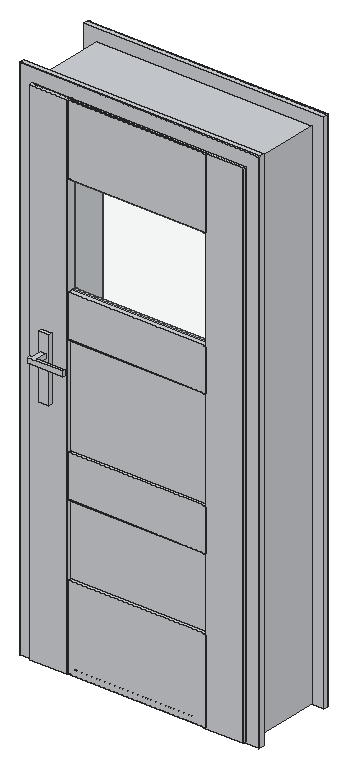
Revit family "porta_koncept_K1_osc_ps", category Drzwi, Revit 2016
Family settings
  Obiekt nadrzędny = Ściana
  Zawsze pionowo = Tak
  Tnij formami wycięć po wczytaniu = Nie
  Współdzielony = Nie
  Punkt obliczania pomieszczeń = Nie
Parameters (values of type "PN 80")
  Zakres szerokości muru [instance] = if(and(Grubość ściany > 94 mm, Grubość ściany < 120 mm), "B", (if(and(Grubość ściany > 119 mm, Grubość ściany < 140 mm), "C", (if(and(Grubość ściany > 139 mm, Grubość ściany < 160 mm), "D", (if(and(Grubość ściany > 159 mm, Grubość ściany < 180 mm), "E", (if(and(Grubość ściany > 179 mm, Grubość ściany < 200 mm), "F", (if(and(Grubość ściany > 199 mm, Grubość ściany < 220 mm), "G", (if(and(Grubość ściany > 219 mm, Grubość ściany < 240 mm), "H", (if(and(Grubość ściany > 239 mm, Grubość ściany < 260 mm), "I", (if(and(Grubość ściany > 259 mm, Grubość ściany < 280 mm), "J", (if(and(Grubość ściany > 279 mm, Grubość ściany < 301 mm), "K", "BRAK")))))))))))))))))))  # "K"
  Wysokość brutto = 2060 mm
  Szerokość brutto = 880 mm
  Model = "Koncept K1"
  Konstrukcja analityczna = "<Brak>"
  Grubość ściany [instance] = 300 mm
  Funkcja = Wewnętrzna
  URL = "www.porta.com.pl"
  Ss = 844 mm
  Sb = 846 mm
  Producent = "PORTA KMI POLAND"
  Keynote = ""
  Description = ""
  Wysokość = 2016 mm
  Zakończenie ściany = Wg obiektu nadrzędnego
  Szerokość = 800 mm
  Materiał_skrzydło [instance] = none
  Materiał_ościeżnica [instance] = none
  Materiał_klamka [instance] = none
  Informacja = "Własność Porta KMI Poland, wszelkie prawa zastrzeżone."  # constant formula
  Hs = 2030 mm
Types (6, lengths in mm): name | Szerokość brutto | Ss | Sb | Description | Szerokość
  PN 70 | 780 | 744 | 746 | "Biblioteki CAD produktów firmy PORTA KMI POLAND wraz z ich wizualizacjami są chronione prawami własności przemysłowej i intelektualnej. Można je wykorzystywać do handlowych celów osobistych poprzez zastosowanie w projektach, jednak nie wolno ich powielać, modyfikować, licencjonować ani publikować, w całości ani w części, chyba że celem przeglądania, bez uprzedniej pisemnej zgody PORTA KMI Poland. www.porta.com.pl" | 700
  PN 60 | 680 | 644 | 646 | "Biblioteki CAD produktów firmy PORTA KMI POLAND wraz z ich wizualizacjami są chronione prawami własności przemysłowej i intelektualnej. Można je wykorzystywać do handlowych celów osobistych poprzez zastosowanie w projektach, jednak nie wolno ich powielać, modyfikować, licencjonować ani publikować, w całości ani w części, chyba że celem przeglądania, bez uprzedniej pisemnej zgody PORTA KMI Poland. www.porta.com.pl" | 600
  PN 80 | 880 | 844 | 846 | "" | 800
  PN 90 | 980 | 944 | 946 | "Biblioteki CAD produktów firmy PORTA KMI POLAND wraz z ich wizualizacjami są chronione prawami własności przemysłowej i intelektualnej. Można je wykorzystywać do handlowych celów osobistych poprzez zastosowanie w projektach, jednak nie wolno ich powielać, modyfikować, licencjonować ani publikować, w całości ani w części, chyba że celem przeglądania, bez uprzedniej pisemnej zgody PORTA KMI Poland. www.porta.com.pl" | 900
  PN 100 | 1080 | 1044 | 1046 | "Biblioteki CAD produktów firmy PORTA KMI POLAND wraz z ich wizualizacjami są chronione prawami własności przemysłowej i intelektualnej. Można je wykorzystywać do handlowych celów osobistych poprzez zastosowanie w projektach, jednak nie wolno ich powielać, modyfikować, licencjonować ani publikować, w całości ani w części, chyba że celem przeglądania, bez uprzedniej pisemnej zgody PORTA KMI Poland. www.porta.com.pl" | 1000
  PN 110 | 1180 | 1144 | 1146 | "Biblioteki CAD produktów firmy PORTA KMI POLAND wraz z ich wizualizacjami są chronione prawami własności przemysłowej i intelektualnej. Można je wykorzystywać do handlowych celów osobistych poprzez zastosowanie w projektach, jednak nie wolno ich powielać, modyfikować, licencjonować ani publikować, w całości ani w części, chyba że celem przeglądania, bez uprzedniej pisemnej zgody PORTA KMI Poland. www.porta.com.pl" | 1100
Reference planes
  plane 1: y = 0
  plane 2 "Środek (Lewa/Prawa)": x = 0
  plane 3 "Lewy": x = -440
  plane 4 "Prawy": x = 440
  plane 5: z = 2060
  plane 6 "Zewnętrzna": y = 150
  plane 7 "Wewnętrzna": y = -150
  plane 8 "skrzydło": y = -144.5
Forms (mm)
  Sweep 1, solid, material <- "Materiał_ościeżnica"
    path in 3D
      loop
        line (-440, -150, 0) -> (-440, -150, 2060) -> (440, -150, 2060) -> (440, -150, 0)
    profile origin (-440, -150, 1030) x (0, -1, 0) y (1, 0, 0)
      loop
        line (-10, 39) -> (-72, 39) -> (-72, 17) -> (0, 17) -> (0, -33) -> (16, -33)
        arc (16, -33) -> (18.121, -32.121) -> (19, -30) r 3
        line (19, -30) -> (19, 24)
        arc (19, 24) -> (18.121, 26.121) -> (16, 27) r 3
        line (16, 27) -> (-10, 27) -> (-10, 39)
  Sweep 2, solid, material <- "Materiał_ościeżnica"
    path in 3D
      loop
        line (440, 150, 0) -> (440, 150, 2060) -> (-440, 150, 2060) -> (-440, 150, 0)
    profile origin (-440, 150, 1030) x (1, 0, 0) y (0, 1, 0)
      loop
        line (-33, 0) -> (17, 0) -> (17, -228) -> (39, -228) -> (39, -1)
        arc (39, -1) -> (37.536, 2.536) -> (34, 4) r 5
        line (34, 4) -> (25, 4) -> (25, 16)
        arc (25, 16) -> (24.121, 18.121) -> (22, 19) r 3
        line (22, 19) -> (-30, 19)
        arc (-30, 19) -> (-32.121, 18.121) -> (-33, 16) r 3
        line (-33, 16) -> (-33, 0)
  Sweep 3, solid, not visible
    path in 3D
      loop
        line (-440, -150, 0) -> (-440, -150, 2060)
    profile origin (-440, -150, 1030) x (0, -1, 0) y (1, 0, 0)
      loop
        line (-151, 17) -> (-149, 17) -> (-149, 19) -> (-151, 19) -> (-151, 17)
Cuts and joins
  joined: Sweep 1, Sweep 2
Lines and regions (mm)
  Opening 1
    outline origin (-3050, -150, 0) x (1, 0, 0) y (0, 0, 1)
      loop
        line (2610, 0) -> (3490, 0) -> (3490, 2060) -> (2610, 2060) -> (2610, 0)
  sketch lines
    curve 1: line (-440, -150, 0) -> (-440, -150, 2060)
    curve 2: line (-440, -150, 2060) -> (440, -150, 2060)
    curve 3: line (440, -150, 2060) -> (440, -150, 0)
    curve 4: line (-440, 150, 2060) -> (-440, 150, 0)
    curve 5: line (440, 150, 2060) -> (-440, 150, 2060)
    curve 6: line (440, 150, 0) -> (440, 150, 2060)
    curve 12: line (-440, -150, 0) -> (-440, -150, 2060)
  symbolic lines, style "DoorsPanelProjection"
    curve 7: line (422, -150, 0) -> (422, -994, 0)
    curve 8: line (422, -994, 0) -> (382, -994, 0)
    curve 9: line (382, -994, 0) -> (382, -150, 0)
    curve 10: line (382, -150, 0) -> (422, -150, 0)
  symbolic lines, style "Ugięcie rzutu"
    curve 11: arc (-422, -150, 0) -> (-174.798, -746.798, 0) -> (422, -994, 0) r 844
Text (mm)
  text "Zewnętrzna" at (-2295.016, 1099.543, 0), in view "Poziom odniesienia"
  text "Zewnętrzna" at (0, 1615.38, 3698.081), in view "Lewy"
  text "Zewnętrzna" at (0, 1036.032, 3874.932), in view "Prawy"
Dimensions and locks
  equal spacing: plane 3 "Lewy", plane 2 "Środek (Lewa/Prawa)", plane 4 "Prawy"
  "Szerokość brutto": plane 3 "Lewy" to plane 4 "Prawy"
  "Wysokość brutto": plane 5 to host wall
  host wall to plane 5 = 2060 mm  (x2)
  locked: plane 6 "Zewnętrzna" to host wall at 0
  locked: plane 7 "Wewnętrzna" to host wall
  "Sb": Sweep 1 to Sweep 1
  locked: Sweep 1 sketch curve to Sweep 1 sketch curve at 22
  Sweep 1 sketch curve to Sweep 1 sketch curve = 50 mm
  locked: Sweep 1 sketch curve to profile plane at 72
  locked: Sweep 2 sketch curve to Sweep 2 sketch curve at 50
  locked: Sweep 2 sketch curve to Sweep 2 sketch curve at 22
  locked: Sweep 2 sketch curve to plane 6 "Zewnętrzna" at 1
  locked: curve 9 to curve 7 at 40
  "Ss": curve 8 to curve 10
  equal spacing: curve 11, plane 2 "Środek (Lewa/Prawa)", curve 7
  locked: plane 7 "Wewnętrzna" to plane 8 "skrzydło" at 5.5
  locked: host wall to Sweep 3 sketch curve at 1
  locked: Sweep 3 sketch curve to host wall at 1
  locked: Sweep 3 sketch curve to plane 6 "Zewnętrzna" at 151
  locked: plane 7 "Wewnętrzna" to Sweep 3 sketch curve at 151
  equal spacing: nested 1, plane 2 "Środek (Lewa/Prawa)", nested 1
  locked: nested 1 to level at 8
  "Grubość ściany": host wall to host wall
  aligned and locked: plane 3 "Lewy" to Opening 1 sketch curve
  aligned and locked: plane 5 to Opening 1 sketch curve  (x2)
  aligned and locked: Opening 1 sketch curve to plane 4 "Prawy"
  aligned and locked: Opening 1 sketch curve to level
  aligned and locked: plane 1 to host wall
  aligned and locked: Sweep 1 to Sweep 2 sketch curve
  aligned and locked: plane 7 "Wewnętrzna" to curve 10
  aligned and locked: Sweep 3 sketch curve to cut or joined group of Sweep 1, Sweep 2
  aligned and locked: Sweep 2 sketch curve to cut or joined group of Sweep 1, Sweep 2
  aligned and locked: nested 1 to plane 8 "skrzydło"
Automatic sketch dimensions
  profile plane to Sweep 1 sketch curve = 10 mm
  Sweep 1 sketch curve to profile plane = 16 mm  (x2)
  Sweep 1 sketch curve to Sweep 1 sketch curve = 3 mm
  profile plane to Sweep 1 sketch curve = 17 mm
  Sweep 1 sketch curve to Sweep 1 sketch curve = 7 mm
  Sweep 1 sketch curve to profile plane = 0 mm
  Sweep 2 sketch curve to profile plane = 0 mm
  Sweep 2 sketch curve to profile plane = 16 mm
  Sweep 2 sketch curve to Sweep 2 sketch curve = 3 mm
  Sweep 2 sketch curve to Sweep 2 sketch curve = 5 mm
  Sweep 2 sketch curve to profile plane = 4 mm
  Sweep 2 sketch curve to Sweep 2 sketch curve = 8 mm
  curve 11 to host wall = 0 mm
  Sweep 3 sketch curve to Sweep 3 sketch curve = 2 mm
Nested families
  nested 1: "skrzydło" at (0, -151, 0), Materiał_klamka <- "Materiał_klamka", Materiał_skrzydło <- "Materiał_skrzydło", type "skrzydło"
    with Materiał_skrzydło none, Materiał_klamka none
Definition of nested family "skrzydło"
  Parameters
    Ss = 844 mm
    Materiał_skrzydło [instance] = none
    Materiał_klamka [instance] = none
    Hs = 2030 mm
  Reference planes
    plane 1 "Tył": y = 6.5
    plane 2: z = 0
    plane 3 "Środek (Lewa/Prawa)": x = 0
    plane 4 "Lewa": x = -422
    plane 5 "Prawa": x = 422
    plane 6 "Przód": y = -33.5
    plane 7: z = 2038
    plane 8 "Centrum": y = -13.5
    plane 9: x = -409
    plane 10: z = 8
    plane 11: x = 409
    plane 12: x = -272
    plane 13: x = 272
    plane 14: z = 2025
  Forms (mm)
    Extrusion 1, solid, material <- "Materiał_skrzydło"
      sketch origin (-1191.728, -1524, 8) x (-1, 0, 0) y (0, -1, 0)
        loop
          line (-1465.378, -1490.5) -> (-1612.078, -1490.5)
          arc (-1612.078, -1490.5) -> (-1613.244, -1490.983) -> (-1613.728, -1492.15) r 1.65
          line (-1613.728, -1492.15) -> (-1613.728, -1501.85)
          arc (-1613.728, -1501.85) -> (-1613.244, -1503.017) -> (-1612.078, -1503.5) r 1.65
          line (-1612.078, -1503.5) -> (-1602.078, -1503.5)
          arc (-1602.078, -1503.5) -> (-1601.123, -1503.895) -> (-1600.728, -1504.85) r 1.35
          line (-1600.728, -1504.85) -> (-1600.728, -1528.85)
          arc (-1600.728, -1528.85) -> (-1600.244, -1530.017) -> (-1599.078, -1530.5) r 1.65
          line (-1599.078, -1530.5) -> (-1465.378, -1530.5)
          arc (-1465.378, -1530.5) -> (-1464.211, -1530.017) -> (-1463.728, -1528.85) r 1.65
          line (-1463.728, -1528.85) -> (-1463.728, -1492.15)
          arc (-1463.728, -1492.15) -> (-1464.211, -1490.983) -> (-1465.378, -1490.5) r 1.65
      from 0 to 2030
    Extrusion 2, void
      sketch origin (0, 0, 0) x (0, -1, 0) y (0, 0, 1)
        loop
          line (-6.5, 2025) -> (20.5, 2025) -> (20.5, 2038) -> (-6.5, 2038) -> (-6.5, 2025)
      from -422 to 422
    Extrusion 3, solid, material <- "Materiał_skrzydło"
      sketch origin (0, 0, 0) x (0, 1, 0) y (0, 0, 1)
        loop
          line (4, 1756.65) -> (4, 2023.35)
          arc (4, 2023.35) -> (3.517, 2024.517) -> (2.35, 2025) r 1.65
          line (2.35, 2025) -> (-19.15, 2025)
          arc (-19.15, 2025) -> (-20.105, 2025.395) -> (-20.5, 2026.35) r 1.35
          line (-20.5, 2026.35) -> (-20.5, 2036.35)
          arc (-20.5, 2036.35) -> (-20.983, 2037.517) -> (-22.15, 2038) r 1.65
          line (-22.15, 2038) -> (-29.35, 2038)
          arc (-29.35, 2038) -> (-30.517, 2037.517) -> (-31, 2036.35) r 1.65
          line (-31, 2036.35) -> (-31, 1756.65)
          arc (-31, 1756.65) -> (-30.517, 1755.483) -> (-29.35, 1755) r 1.65
          line (-29.35, 1755) -> (2.35, 1755)
          arc (2.35, 1755) -> (3.517, 1755.483) -> (4, 1756.65) r 1.65
        loop
          line (2.35, 341) -> (-29.35, 341)
          arc (-29.35, 341) -> (-30.517, 340.517) -> (-31, 339.35) r 1.65
          line (-31, 339.35) -> (-31, 9.65)
          arc (-31, 9.65) -> (-30.517, 8.483) -> (-29.35, 8) r 1.65
          line (-29.35, 8) -> (-25, 8)
          arc (-25, 8) -> (-23.833, 8.483) -> (-23.35, 9.65) r 1.65
          arc (-23.35, 9.65) -> (-22.955, 10.605) -> (-22, 11) r 1.35
          line (-22, 11) -> (-5, 11)
          arc (-5, 11) -> (-4.045, 10.605) -> (-3.65, 9.65) r 1.35
          arc (-3.65, 9.65) -> (-3.167, 8.483) -> (-2, 8) r 1.65
          line (-2, 8) -> (2.35, 8)
          arc (2.35, 8) -> (3.517, 8.483) -> (4, 9.65) r 1.65
          line (4, 9.65) -> (4, 339.35)
          arc (4, 339.35) -> (3.517, 340.517) -> (2.35, 341) r 1.65
        loop
          line (2.35, 793) -> (-29.35, 793)
          arc (-29.35, 793) -> (-30.517, 792.517) -> (-31, 791.35) r 1.65
          line (-31, 791.35) -> (-31, 624.65)
          arc (-31, 624.65) -> (-30.517, 623.483) -> (-29.35, 623) r 1.65
          line (-29.35, 623) -> (2.35, 623)
          arc (2.35, 623) -> (3.517, 623.483) -> (4, 624.65) r 1.65
          line (4, 624.65) -> (4, 791.35)
          arc (4, 791.35) -> (3.517, 792.517) -> (2.35, 793) r 1.65
        loop
          line (2.35, 1358) -> (-29.35, 1358)
          arc (-29.35, 1358) -> (-30.517, 1357.517) -> (-31, 1356.35) r 1.65
          line (-31, 1356.35) -> (-31, 1189.65)
          arc (-31, 1189.65) -> (-30.517, 1188.483) -> (-29.35, 1188) r 1.65
          line (-29.35, 1188) -> (2.35, 1188)
          arc (2.35, 1188) -> (3.517, 1188.483) -> (4, 1189.65) r 1.65
          line (4, 1189.65) -> (4, 1356.35)
          arc (4, 1356.35) -> (3.517, 1357.517) -> (2.35, 1358) r 1.65
      from -272 to 272
    Extrusion 4, solid
      sketch origin (-892.016, -13.5, 1200) x (-1, 0, 0) y (0, 0, 1)
        loop
          line (-620.016, 555) -> (-1164.016, 555) -> (-1164.016, 158) -> (-620.016, 158) -> (-620.016, 555)
      from -2 to 2
    Extrusion 5, solid, material <- "Materiał_skrzydło"
      sketch origin (-892.016, -13.5, 1200) x (-1, 0, 0) y (0, 0, 1)
        loop
          line (-620.016, -859) -> (-620.016, -12) -> (-1164.016, -12) -> (-1164.016, -859) -> (-620.016, -859)
      from -6 to 6
    Extrusion 6, solid, material <- "Materiał_skrzydło"
      sketch origin (-1191.728, -1524, 8) x (-1, 0, 0) y (0, -1, 0)
        loop
          arc (-918.078, -1490.5) -> (-919.244, -1490.983) -> (-919.728, -1492.15) r 1.65
          line (-919.728, -1492.15) -> (-919.728, -1528.85)
          arc (-919.728, -1528.85) -> (-919.244, -1530.017) -> (-918.078, -1530.5) r 1.65
          line (-918.078, -1530.5) -> (-784.378, -1530.5)
          arc (-784.378, -1530.5) -> (-783.211, -1530.017) -> (-782.728, -1528.85) r 1.65
          line (-782.728, -1528.85) -> (-782.728, -1504.85)
          arc (-782.728, -1504.85) -> (-782.332, -1503.895) -> (-781.378, -1503.5) r 1.35
          line (-781.378, -1503.5) -> (-771.378, -1503.5)
          arc (-771.378, -1503.5) -> (-770.211, -1503.017) -> (-769.728, -1501.85) r 1.65
          line (-769.728, -1501.85) -> (-769.728, -1492.15)
          arc (-769.728, -1492.15) -> (-770.211, -1490.983) -> (-771.378, -1490.5) r 1.65
          line (-771.378, -1490.5) -> (-918.078, -1490.5)
      from 0 to 2030
  Cuts and joins
    Extrusion 2 cuts Extrusion 1
    Extrusion 2 cuts Extrusion 6
  Dimensions and locks
    equal spacing: plane 4 "Lewa", plane 3 "Środek (Lewa/Prawa)", plane 5 "Prawa"
    "Ss": plane 4 "Lewa" to plane 5 "Prawa"
    locked: plane 4 "Lewa" to plane 9 at 13
    locked: plane 10 to level at 8
    "Hs": plane 7 to plane 10
    locked: plane 5 "Prawa" to plane 11 at 13
    locked: plane 9 to nested 1 at 35
    locked: nested 1 to plane 10 at 934
    locked: plane 10 to nested 2 at 934
    equal spacing: plane 6 "Przód", plane 8 "Centrum", plane 1 "Tył"
    locked: plane 7 to plane 14 at 13
    locked: plane 12 to plane 4 "Lewa" at 150
    locked: plane 5 "Prawa" to plane 13 at 150
    locked: plane 1 "Tył" to Extrusion 2 sketch curve at 27
    aligned and locked: nested 1 to plane 6 "Przód"
    aligned and locked: plane 5 "Prawa" to Extrusion 1 sketch curve
    aligned and locked: Extrusion 1 sketch curve to plane 11
    aligned and locked: Extrusion 1 sketch curve to plane 1 "Tył"
    aligned and locked: Extrusion 1 sketch curve to plane 6 "Przód"
    aligned and locked: Extrusion 1 sketch curve to plane 13
    aligned and locked: plane 7 to Extrusion 1
    aligned and locked: Extrusion 2 sketch curve to plane 14
    aligned and locked: Extrusion 2 sketch curve to plane 1 "Tył"
    aligned and locked: plane 7 to Extrusion 2 sketch curve
    aligned and locked: Extrusion 2 to plane 4 "Lewa"
    aligned and locked: plane 5 "Prawa" to Extrusion 2
    aligned and locked: Extrusion 3 to plane 12
    aligned and locked: plane 13 to Extrusion 3
    aligned and locked: plane 12 to Extrusion 4 sketch curve
    aligned and locked: plane 13 to Extrusion 4 sketch curve
    aligned and locked: Extrusion 3 to Extrusion 5 sketch curve  (x2)
    aligned and locked: plane 4 "Lewa" to Extrusion 6 sketch curve
    aligned and locked: Extrusion 6 sketch curve to plane 12
    aligned and locked: plane 7 to Extrusion 6
    aligned and locked: nested 2 to nested 1
  Automatic sketch dimensions
    Extrusion 1 sketch curve to Extrusion 1 sketch curve = 1.65 mm  (x4)
    Extrusion 1 sketch curve to Extrusion 1 sketch curve = 1.35 mm
    Extrusion 1 sketch curve to Extrusion 1 sketch curve = 10 mm
    plane 1 "Tył" to Extrusion 1 sketch curve = 25.65 mm
    Extrusion 6 sketch curve to Extrusion 6 sketch curve = 1.65 mm  (x4)
    Extrusion 6 sketch curve to Extrusion 6 sketch curve = 1.35 mm
    Extrusion 6 sketch curve to Extrusion 6 sketch curve = 10 mm
    Extrusion 6 sketch curve to Extrusion 6 sketch curve = 0 mm
    plane 6 "Przód" to Extrusion 6 sketch curve = 40 mm
    Extrusion 6 sketch curve to Extrusion 6 sketch curve = 24 mm
    Extrusion 6 sketch curve to Extrusion 6 sketch curve = 9.7 mm
    Extrusion 4 sketch curve to plane 14 = 667 mm
    Extrusion 4 sketch curve to plane 14 = 270 mm
    plane 10 to Extrusion 5 sketch curve = 333 mm
    Extrusion 5 sketch curve to plane 14 = 837 mm
    Extrusion 3 sketch curve to plane 7 = 0 mm
    Extrusion 3 sketch curve to plane 10 = 0 mm  (x2)
    Extrusion 3 sketch curve to plane 14 = 0 mm
    plane 6 "Przód" to Extrusion 3 sketch curve = 2.5 mm  (x4)
    plane 10 to Extrusion 3 sketch curve = 1.65 mm  (x4)
    Extrusion 3 sketch curve to Extrusion 3 sketch curve = 1.65 mm  (x11)
    Extrusion 3 sketch curve to Extrusion 3 sketch curve = 4.35 mm
    Extrusion 3 sketch curve to Extrusion 3 sketch curve = 0 mm  (x2)
    Extrusion 3 sketch curve to plane 7 = 1.65 mm
    Extrusion 3 sketch curve to Extrusion 3 sketch curve = 7.2 mm
    Extrusion 3 sketch curve to Extrusion 3 sketch curve = 1.35 mm  (x2)
    plane 8 "Centrum" to Extrusion 3 sketch curve = 8.5 mm
    plane 1 "Tył" to Extrusion 3 sketch curve = 4.15 mm  (x7)
    Extrusion 3 sketch curve to Extrusion 3 sketch curve = 328.35 mm
    Extrusion 3 sketch curve to Extrusion 3 sketch curve = 282 mm
    Extrusion 3 sketch curve to Extrusion 3 sketch curve = 166.7 mm  (x2)
    Extrusion 3 sketch curve to Extrusion 3 sketch curve = 395 mm
    Extrusion 3 sketch curve to Extrusion 3 sketch curve = 268.35 mm
  Nested families
    nested 1: "KLAMKA" at (-354, -33.5, 1067), Materiał klamki <- "Materiał_klamka", type "KLAMKA"
      with Materiał klamki none
    nested 2: "KLAMKA" at (-354, 6.5, 1067), Materiał klamki <- "Materiał_klamka", type "KLAMKA"
      with Materiał klamki none
  Definition of nested family "KLAMKA"
    Parameters
      Materiał klamki [instance] = none
      Assembly Code = ""
      Default Elevation = 1219.2 mm
    Reference planes
      plane 1 "Center (Front/Back)": y = 0
      plane 2: z = 0
      plane 3 "Center (Left/Right)": x = 0
      plane 4: z = 125
      plane 5: z = -125
      plane 6: x = 20
      plane 7: x = -20
      plane 8: y = -70
      plane 9: y = -60
      plane 10: x = 10
      plane 11: x = -10
      plane 12: x = 120
      plane 13: z = 35
      plane 14: z = 55
      plane 15: y = -15
    Forms (mm)
      Extrusion 1, solid, material <- "Materiał klamki"
        sketch origin (0, 0, 0) x (1, 0, 0) y (0, 0, 1)
          loop
            line (-20, 125) -> (-20, -125) -> (20, -125) -> (20, 125) -> (-20, 125)
        from 0 to 15
      Extrusion 2, solid, material <- "Materiał klamki"
        sketch origin (0, 0, 0) x (1, 0, 0) y (0, 1, 0)
          loop
            line (-10, -15) -> (-10, -60) -> (-20, -60) -> (-20, -70) -> (120, -70) -> (120, -60) -> (10, -60) -> (10, -15) -> (-10, -15)
        from 35 to 55
    Dimensions and locks
      equal spacing: plane 4, plane 2, plane 5
      plane 4 to plane 5 = 250 mm
      equal spacing: plane 7, plane 3 "Center (Left/Right)", plane 6
      plane 7 to plane 6 = 40 mm
      plane 8 to plane 1 "Center (Front/Back)" = 70 mm
      plane 11 to plane 3 "Center (Left/Right)" to plane 10 = 10 mm locked, 10 mm locked
      plane 7 to plane 12 = 140 mm
      plane 15 to plane 1 "Center (Front/Back)" = 15 mm
      aligned and locked: plane 7 to Extrusion 1 sketch curve
      aligned and locked: Extrusion 1 sketch curve to plane 4
      aligned and locked: plane 5 to Extrusion 1 sketch curve
      aligned and locked: Extrusion 1 sketch curve to plane 6
      aligned and locked: plane 15 to Extrusion 1
      aligned and locked: Extrusion 1 to plane 1 "Center (Front/Back)"
      aligned and locked: plane 14 to Extrusion 2
      aligned and locked: Extrusion 2 to plane 13
    Automatic sketch dimensions
      Extrusion 2 sketch curve to plane 7 = 0 mm
      Extrusion 2 sketch curve to plane 9 = 0 mm  (x2)
      Extrusion 2 sketch curve to plane 11 = 0 mm
      Extrusion 2 sketch curve to plane 10 = 0 mm
      Extrusion 2 sketch curve to plane 12 = 0 mm
      Extrusion 2 sketch curve to plane 8 = 0 mm
      Extrusion 2 sketch curve to plane 15 = 0 mm
